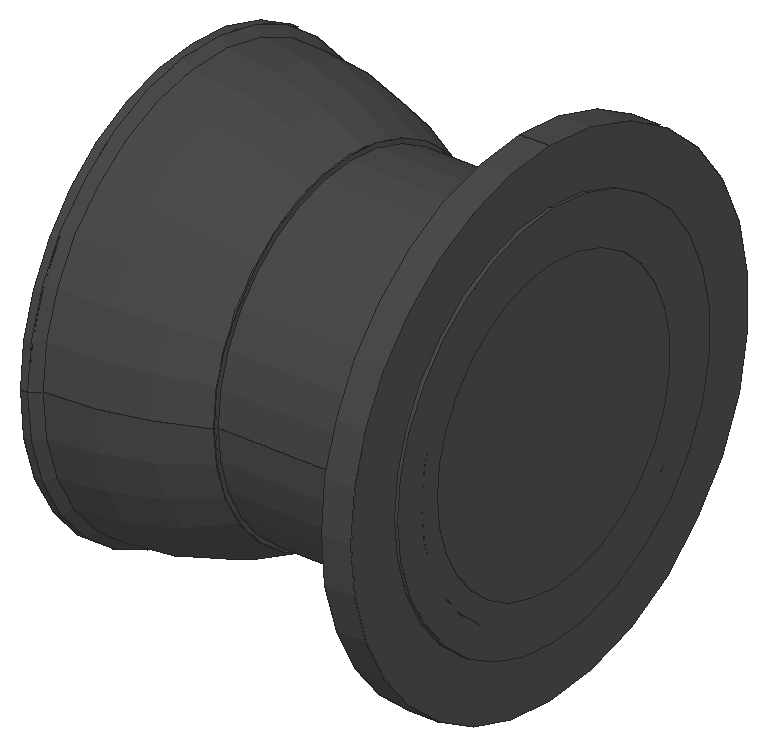
Revit family "Duc_FLB_Extremidades", category Pipe Fittings, Revit 2025
Family settings
  Round Connector Dimension = Use Diameter
  Part Type = Union
  Work Plane-Based = Yes
  Always vertical = No
  Cut with Voids When Loaded = No
  Shared = Yes
Parameters
  Tabela [instance] = "Duc_FLB_Extremidades"
  PN [instance] = "10"
  Nominal Diameter [instance] = 200.0 mm
  Material_Conexao = FoFo
  Manufacturer = "SGC"
  Loss Method = Not Defined
  K Coefficient Table = "Converging/Diverging Tee/Wye"
  EK7 [instance] = size_lookup(Tabela, "EK7", 5.2 mm, Nominal Diameter, PN)  # 5.4 mm
  Description = "Extremidade com bolsa e flange"
  Default Elevation = 0.0 mm
  Corpo_L [instance] = size_lookup(Tabela, "Corpo_L", 130.0 mm, Nominal Diameter, PN)  # 140.0 mm
  Corpo_DE [instance] = size_lookup(Tabela, "Bolsa_DE", 98.0 mm, Nominal Diameter, PN) + EK7  # 227.4 mm
Reference planes
  plane 1 "EixoP": y = 0
  plane 2: z = 0
  plane 3 "EixoS": x = 468.25
  plane 4 "EE": x = 403.25
  plane 5 "ED": x = 543.25
Forms (mm)
  Sweep 1, solid, material "FoFo" <- "Material_Conexao"
    path origin (560, 0, 0) x (1, 0, 0) y (0, 1, 0)
      loop
        line (-156.75, 0) -> (-16.75, 0)
    profile origin (473.25, 0, 0) x (0, 1, 0) y (0, 0, 1)
      loop
        circle (0, 0) r 113.7
Dimensions and locks
  "Corpo_L": plane 4 "EE" to plane 5 "ED"
  "Corpo_DE": diameter of Sweep 1 sketch curve
  aligned and locked: plane 1 "EixoP" to Sweep 1 sketch curve
  aligned and locked: plane 5 "ED" to Sweep 1 sketch curve
  aligned and locked: nested 1 to plane 1 "EixoP"
  aligned and locked: plane 2 to nested 1
  aligned and locked: plane 5 "ED" to nested 1
  aligned and locked: plane 4 "EE" to nested 2
Automatic sketch dimensions
  Sweep 1 sketch curve to plane 4 "EE" = 0.0 mm
  Sweep 1 sketch curve to level = 0.0 mm
  Sweep 1 sketch curve to profile plane = 0.0 mm
Nested families
  nested 1: "Duc_FLA_Flanges" at (543.25, 0, 0) x (0, 0, 1) z (1, 0, 0), Nominal Diameter <- "Nominal Diameter", type "Duc_FLA_Flanges"
    with Tabela "Duc_FLA_Flanges", PN "10", Nominal Diameter 200.0 mm, Flange_Ressalto 3.0 mm, Flange_RF 147.5 mm, Flange_QF "8", Flange_MA 22.50°, Flange_DG 266.0 mm, Flange_DFuro 23.0 mm, Flange_DF 295.0 mm, Flange_D 340.0 mm, Flange_AnguloFuros 45.00°, Flange_Altura 20.0 mm
  nested 2: "Duc_JGS_Bolsas" at (3021.5, 0, 0) x (-1, 0, 0) z (0, 0, 1), Nominal Diameter <- "Nominal Diameter", type "Duc_JGS_Bolsas"
    with Tabela "Duc_JGS_Bolsas", Nominal Radius 100.0 mm, Nominal Diameter 200.0 mm, EK7 5.4 mm, Borde2 10.8 mm, Borde1 5.4 mm, Bolsa_P 106.5 mm, Bolsa_DI 112.5 mm, Bolsa_DE1 116.4 mm, Bolsa_DE 111.0 mm, Bolsa_B 148.0 mm
Connectors
  piping at (403.25, 0, 0), diameter 200, driven by "Nominal Diameter"
    settings: on Sweep 1, index 1, connector inside diameter 609.6 mm, connector length 0.0 mm, flow factor 0, pipe flow 0 L/h, pressure drop 0 Pa, fitting loss kfactor 0, connector angle 0.00°, fixture units 0, engagement length 0.0 mm, angle of deflection 0.00°, flow configuration 0, flow direction 0, fitting loss method 0, system type 28, joint type 0, gender type 0, connector reference index -1, connector utility 0, adjustable connector no, is connector primary yes, connector description ""
  piping at (543.25, 0, 0), diameter 200, driven by "Nominal Diameter"
    settings: on Sweep 1, index 2, connector inside diameter 609.6 mm, connector length 0.0 mm, flow factor 0, pipe flow 0 L/h, pressure drop 0 Pa, fitting loss kfactor 0, connector angle 0.00°, fixture units 0, engagement length 0.0 mm, angle of deflection 0.00°, flow configuration 0, flow direction 0, fitting loss method 0, system type 28, joint type 0, gender type 0, connector reference index -1, connector utility 0, adjustable connector no, is connector primary no, connector description ""
Definition of nested family "Duc_FLA_Flanges"
  Parameters (values of type "Duc_FLA_Flanges")
    Tabela [instance] = "Duc_FLA_Flanges"
    PN [instance] = "10"
    Nominal Diameter [instance] = 100.0 mm
    Material_Conexao = none
    Manufacturer = "SGC"
    Flange_Ressalto [instance] = size_lookup(Tabela, "FRessalto", 3.0 mm, Nominal Diameter, PN)  # 3.0 mm
    Flange_RF [instance] = Flange_DF / 2  # 90.0 mm
    Flange_QF [instance] = size_lookup(Tabela, "QF", "4", Nominal Diameter, PN)  # "8"
    Flange_MA [instance] = size_lookup(Tabela, "MA", 45.00°, Nominal Diameter, PN)  # 22.50°
    Flange_DG [instance] = size_lookup(Tabela, "FG", 99.0 mm, Nominal Diameter, PN)  # 156.0 mm
    Flange_DF [instance] = size_lookup(Tabela, "FC", 125.0 mm, Nominal Diameter, PN)  # 180.0 mm
    Flange_D [instance] = size_lookup(Tabela, "FD", 165.0 mm, Nominal Diameter, PN)  # 220.0 mm
    Flange_AnguloFuros [instance] = size_lookup(Tabela, "AF", 90.00°, Nominal Diameter, PN)  # 45.00°
    Flange_Altura [instance] = size_lookup(Tabela, "FAltura", 19.0 mm, Nominal Diameter, PN)  # 19.0 mm
    Description = "Flange"
    Default Elevation = 0.0 mm
    Flange_DFuro [instance] = size_lookup(Tabela, "DFuro", 19.0 mm, Nominal Diameter, PN)  # 19.0 mm
  Reference planes
    plane 1 "Centro (Frente/Trás)": y = 0
    plane 2: z = 0
    plane 3 "Centro (Esquerda/Direita)": x = 0
    plane 4: z = -3
    plane 5: z = -22
  Forms (mm)
    Extrusion 1, solid, material <- "Material_Conexao"
      sketch origin (0, 0, 0) x (1, 0, 0) y (0, 1, 0)
        loop
          circle (0, 0) r 110
      from -22 to -3
    Extrusion 2, solid, material <- "Material_Conexao"
      sketch origin (0, 0, 0) x (1, 0, 0) y (0, 1, 0)
        loop
          circle (0, 0) r 78
      from 0 to -3
    Extrusion 3, void
      sketch origin (0, 0, 0) x (1, 0, 0) y (0, 1, 0)
        loop
          circle (0, 0) r 50
      from -22 to 0
  Cuts and joins
    Extrusion 3 cuts Extrusion 1
    Extrusion 3 cuts Extrusion 2
    joined: Extrusion 1, Extrusion 2
  Lines and regions (mm)
    model lines
      curve 1: line (-40, 0, 0) -> (40, 0, 0)
      curve 2: line (0, 40, 0) -> (0, -40, 0)
    reference lines
      curve 3: line (0, 0, 0) -> (83.149, 34.442, 0)
  Dimensions and locks
    "Flange_Ressalto": plane 2 to plane 4
    "Flange_Altura": plane 4 to plane 5
    "Flange_RF": curve 3 to curve 3
    "Flange_D": diameter of Extrusion 1 sketch curve
    "Flange_DG": diameter of Extrusion 2 sketch curve
    "Nominal Diameter": diameter of Extrusion 3 sketch curve
    "Flange_MA": angle plane 1 "Centro (Frente/Trás)" to curve 3
    aligned and locked: plane 2 to level
    aligned and locked: Extrusion 1 to plane 5
    aligned and locked: cut or joined group of Extrusion 1, Extrusion 2, Extrusion 3 to plane 4
    aligned and locked: plane 4 to cut or joined group of Extrusion 1, Extrusion 2, Extrusion 3
    aligned and locked: cut or joined group of Extrusion 1, Extrusion 2, Extrusion 3 to Extrusion 3
    aligned and locked: level to Extrusion 3
    aligned and locked: Extrusion 2 to Extrusion 1
    aligned and locked: level to Extrusion 2
    aligned and locked: plane 3 "Centro (Esquerda/Direita)" to curve 3
    aligned and locked: plane 1 "Centro (Frente/Trás)" to curve 3
  Automatic sketch dimensions
    plane 1 "Centro (Frente/Trás)" to curve 1 = 0.0 mm
    curve 1 to plane 3 "Centro (Esquerda/Direita)" = 40.0 mm
    plane 3 "Centro (Esquerda/Direita)" to curve 1 = 40.0 mm
    plane 1 "Centro (Frente/Trás)" to curve 2 = 40.0 mm
    curve 2 to plane 1 "Centro (Frente/Trás)" = 40.0 mm
    curve 2 to plane 3 "Centro (Esquerda/Direita)" = 0.0 mm
    plane 1 "Centro (Frente/Trás)" to Extrusion 1 sketch curve = 0.0 mm
    Extrusion 1 sketch curve to plane 3 "Centro (Esquerda/Direita)" = 0.0 mm
    plane 1 "Centro (Frente/Trás)" to Extrusion 2 sketch curve = 0.0 mm
    Extrusion 2 sketch curve to plane 3 "Centro (Esquerda/Direita)" = 0.0 mm
    plane 1 "Centro (Frente/Trás)" to Extrusion 3 sketch curve = 0.0 mm
    Extrusion 3 sketch curve to plane 3 "Centro (Esquerda/Direita)" = 0.0 mm
Definition of nested family "Duc_JGS_Bolsas"
  Parameters (values of type "Duc_JGS_Bolsas")
    Tabela [instance] = "Duc_JGS_Bolsas"
    Nominal Radius [instance] = Nominal Diameter / 2  # 40.0 mm
    Nominal Diameter [instance] = 80.0 mm
    Manufacturer = "SGC"
    Loss Method = 1
    K Coefficient Table = "Tee"
    EK7 [instance] = size_lookup(Tabela, "EK7", 5.2 mm, Nominal Diameter)  # 5.2 mm
    Description = "Bolsas JGS - JTI - JTE"
    Material_Conexao = none
    Default Elevation = 0.0 mm
    Borde2 [instance] = EK7 * 2  # 10.4 mm
    Borde1 [instance] = EK7  # 5.2 mm
    Bolsa_DE1 [instance] = Bolsa_DE + EK7  # 54.2 mm
    Bolsa_P [instance] = size_lookup(Tabela, "Bolsa_P", 94.5 mm, Nominal Diameter)  # 92.5 mm
    Bolsa_DI [instance] = size_lookup(Tabela, "Bolsa_DI", 60.5 mm, Nominal Diameter) / 2  # 50.5 mm
    Bolsa_DE [instance] = size_lookup(Tabela, "Bolsa_DE", 59.0 mm, Nominal Diameter) / 2  # 49.0 mm
    Bolsa_B [instance] = size_lookup(Tabela, "Bolsa_B", 118.0 mm, Nominal Diameter) / 2  # 84.0 mm
  Reference planes
    plane 1 "Center (Front/Back)": y = 0
    plane 2: z = 0
    plane 3 "Center (Left/Right)": x = 2618.25
    plane 4: x = 2710.75
    plane 5: y = 84
    plane 6: y = 50.5
    plane 7: y = 49
    plane 8: y = 54.2
  Forms (mm)
    Revolve 1, solid, material <- "Material_Conexao"
      sketch origin (0, 0, 0) x (1, 0, 0) y (0, 1, 0)
        loop
          line (2618.25, 50.5) -> (2705.55, 50.5) -> (2710.75, 55.7) -> (2710.75, 84) -> (2705.55, 84) -> (2700.35, 78.8)
          arc (2700.35, 78.8) -> (2657.555, 72.323) -> (2618.25, 54.2) r 154.08
          line (2618.25, 54.2) -> (2617.25, 54.2) -> (2617.25, 49) -> (2618.25, 49) -> (2618.25, 50.5)
        axis (2617.25, 0) -> (2710.75, 0)
      angle from 0 to 360
  Lines and regions (mm)
    model lines
      curve 1: line (2618.25, 0, 200.5) -> (2618.25, 0, -200.5)
      curve 3: line (2618.25, 0, 0) -> (2710.75, 0, 0)
    reference lines
      curve 2: line (2618.25, 0, 0) -> (2710.75, 0, 0)
  Dimensions and locks
    "Borde1": Revolve 1 sketch curve to Revolve 1 sketch curve  (x4)
    "Borde2": Revolve 1 sketch curve to Revolve 1 sketch curve
    "Borde1": Revolve 1 sketch curve to plane 8
    "Bolsa_B": plane 5 to plane 1 "Center (Front/Back)"
    "Bolsa_DI": plane 6 to plane 1 "Center (Front/Back)"
    "Bolsa_DE": plane 7 to plane 1 "Center (Front/Back)"
    "Bolsa_DE1": plane 8 to plane 1 "Center (Front/Back)"
    "Bolsa_P": plane 3 "Center (Left/Right)" to plane 4
    locked: Revolve 1 sketch curve to Revolve 1 sketch curve at 1
    aligned and locked: plane 5 to Revolve 1 sketch curve
    aligned and locked: Revolve 1 sketch curve to plane 6
    aligned and locked: Revolve 1 sketch curve to plane 3 "Center (Left/Right)"
    aligned and locked: plane 1 "Center (Front/Back)" to curve 2
    aligned and locked: curve 2 to plane 3 "Center (Left/Right)"
    aligned and locked: plane 4 to curve 2
    aligned and locked: curve 3 to curve 2
  Automatic sketch dimensions
    curve 1 to plane 1 "Center (Front/Back)" = 0.0 mm
    curve 1 to level = 200.5 mm
    level to curve 1 = 200.5 mm
    curve 3 to plane 3 "Center (Left/Right)" = 0.0 mm
    curve 3 to plane 4 = 0.0 mm
    Revolve 1 sketch curve to plane 1 "Center (Front/Back)" = 0.0 mm
    Revolve 1 sketch curve to plane 3 "Center (Left/Right)" = 0.0 mm  (x2)
    Revolve 1 sketch curve to plane 4 = 0.0 mm
    Revolve 1 sketch curve to plane 8 = 0.0 mm
    Revolve 1 sketch curve to plane 4 = 8.97 mm
    plane 4 to Revolve 1 sketch curve = 1.322 mm
